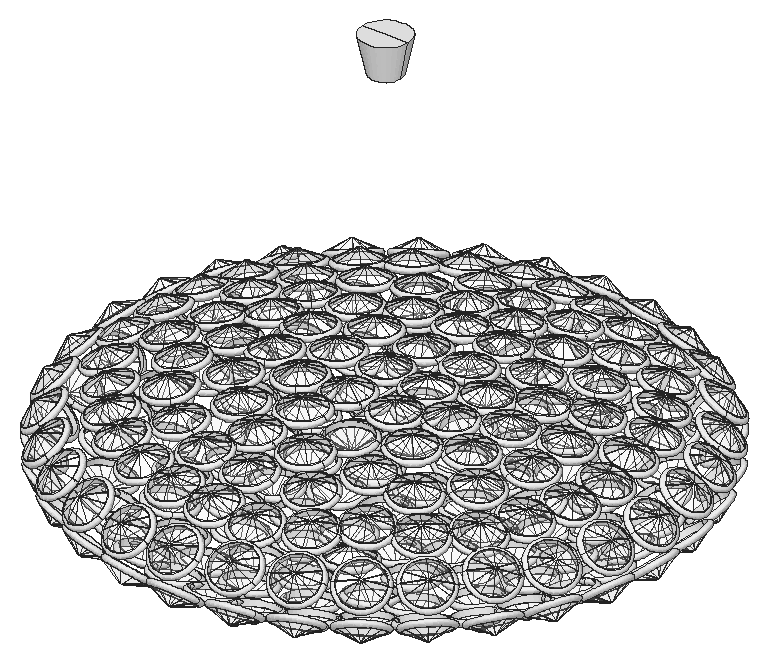
Revit family
Parameters (values of type "Incandescente 60 W")
  Тип линзы = Елемент STILLUX : Серебро
  Wattage Comments = "60"
  Wattage = 60 W
  built-in parameter 1150110 = 1 (stored number, unit not read)
  built-in parameter 1114217 = 1 (stored number, unit not read)
  built-in parameter 1150109 = 1 (stored number, unit not read)
  built-in parameter 1150134 = 4
  built-in parameter 1150113 = 1 (stored number, unit not read)
  Tilt Angle = 90.00°
  built-in parameter 1010507 = 1.5708 (stored number, unit not read)
  built-in parameter 1010506 = 0.5236 (stored number, unit not read)
  Lumens = 720 lm
  built-in parameter 1150115 = 1 (stored number, unit not read)
  built-in parameter 1150105 = 2407.4 (stored number, unit not read)
  Light Source Symbol Length = 3048 mm
  built-in parameter 1150137 = (empty or 0)
  built-in parameter 1150139 = (empty or 0)
  built-in parameter 1150112 = 1 (stored number, unit not read)
  built-in parameter 1150114 = 1 (stored number, unit not read)
  Hauteur interne = 10 mm
  Rayon_1 = 135 mm
  Rayon = 129.5 mm
  Hauteur de la mise en place [instance] = 600 mm
  Matériau = 503. Metall serebro
  Manufacturer = ""
  Lamp = "Incandescente"
  built-in parameter 1150132 = (empty or 0)
  built-in parameter 1150102 = (empty or 0)
  built-in parameter 1150138 = (empty or 0)
  built-in parameter 1150107 = 2800 (stored number, unit not read)
  built-in parameter 1150106 = 24.074 (stored number, unit not read)
  built-in parameter 1150104 = 1.1148 (stored number, unit not read)
  Dimming Lamp Color Temperature Shift = (empty or 0)
  Description = ""
  Color Filter = 16777215
  built-in parameter 1114218 = 1 (stored number, unit not read)
  built-in parameter 1150133 = 10 (stored number, unit not read)
  Assembly Code = "D5020220"
Reference planes
  plane 1 "Axe de la source d'éclairage (av./arr.)": y = 0
  plane 2: z = 0
  plane 3 "Axe de la source d'éclairage (G/D)": x = 0
  plane 4 "Plafond": z = 3000
  plane 5 "Elévation de la source d'éclairage": z = 2400
  plane 6: z = 2468
  plane 7: z = 2410
Forms (mm)
  Revolve 1, solid, material "503. Metall serebro" <- "Matériau"
    sketch origin (0, 0, 0) x (1, 0, 0) y (0, 0, 1)
      loop
        line (0, 3000) -> (-37, 3000) -> (-25, 2943) -> (-5, 2943) -> (-5, 2938) -> (0, 2938) -> (0, 3000)
      axis (0, 2938) -> (0, 3000)
    angle from 0 to 360
  Extrusion 2, solid, material "503. Metall serebro" <- "Matériau"
    sketch origin (0, 0, 0) x (1, 0, 0) y (0, 0, 1)
      loop
        circle (0, 2410) r 3
      loop
        circle (0, 2468) r 3
    from -67.004 to 66.851
  Revolve 3, void
    sketch origin (0, 0, 0) x (1, 0, 0) y (0, 0, 1)
      loop
        spline (0, 2300) -> (116.469, 2303.407) -> (225, 2313.397) -> (318.198, 2329.289) -> (389.711, 2350) -> (434.667, 2374.118) -> (450, 2400) -> (434.667, 2425.882) -> (389.711, 2450) -> (318.198, 2470.711) -> (225, 2486.603) -> (116.469, 2496.593) -> (0, 2500)
        line (0, 2500) -> (0, 2300)
      axis (0, 2500) -> (0, 2300)
    angle from 0 to 360
Lines and regions (mm)
  Masking region 1
    outline origin (0, 0, 2400) x (-1, 0, 0) y (0, -1, 0)
      loop
        circle (0, 0) r 120
  model lines
    curve 1: line (0, 0, 2938) -> (0, 0, 2528)
  symbolic lines
    curve 2: line (0, 0, 2400) -> (84.853, 84.853, 2400)
    curve 3: line (0, 0, 2400) -> (-84.853, -84.853, 2400)
    curve 4: line (0, 0, 2400) -> (-84.853, 84.853, 2400)
    curve 5: line (0, 0, 2400) -> (84.853, -84.853, 2400)
Dimensions and locks
  equal spacing: host sketch curve, plane 3 "Axe de la source d'éclairage (G/D)", host sketch curve
  equal spacing: host sketch curve, plane 1 "Axe de la source d'éclairage (av./arr.)", host sketch curve
  host sketch curve to host sketch curve = 4000 mm  (x2)
  locked: plane 4 "Plafond" to host ceiling at 0
  locked: Revolve 1 sketch curve to Revolve 1 sketch curve at 57
  plane 7 to plane 6 = 58 mm
  "Hauteur interne": plane 5 "Elévation de la source d'éclairage" to plane 7
  "Hauteur de la mise en place": plane 5 "Elévation de la source d'éclairage" to plane 4 "Plafond"
  radius of Masking region 1 sketch curve = 120 mm
  aligned and locked: plane 3 "Axe de la source d'éclairage (G/D)" to Revolve 1 sketch curve
  aligned and locked: plane 4 "Plafond" to Revolve 1 sketch curve
  aligned and locked: curve 1 to Revolve 1
  aligned and locked: imposter light to plane 3 "Axe de la source d'éclairage (G/D)"
  aligned and locked: plane 1 "Axe de la source d'éclairage (av./arr.)" to imposter light
  aligned and locked: plane 5 "Elévation de la source d'éclairage" to imposter light
  aligned and locked: plane 3 "Axe de la source d'éclairage (G/D)" to Revolve 3 sketch curve
  aligned: plane 6 to curve 1
Automatic sketch dimensions
  curve 1 to plane 5 "Elévation de la source d'éclairage" = 128 mm
  plane 4 "Plafond" to curve 1 = 62 mm
  Revolve 1 sketch curve to plane 3 "Axe de la source d'éclairage (G/D)" = 0 mm
  Revolve 1 sketch curve to plane 3 "Axe de la source d'éclairage (G/D)" = 5 mm
  Revolve 1 sketch curve to Revolve 1 sketch curve = 20 mm
  Revolve 1 sketch curve to Revolve 1 sketch curve = 37 mm
  Revolve 1 sketch curve to Revolve 1 sketch curve = 5 mm
  Revolve 1 sketch curve to level = 358.228 mm
  Revolve 1 sketch curve to plane 4 "Plafond" = 362.185 mm
  Extrusion 2 sketch curve to plane 3 "Axe de la source d'éclairage (G/D)" = 0 mm  (x2)
  Extrusion 2 sketch curve to plane 7 = 0 mm
  Extrusion 2 sketch curve to plane 6 = 0 mm
  plane 1 "Axe de la source d'éclairage (av./arr.)" to Masking region 1 sketch curve = 0 mm
  Masking region 1 sketch curve to plane 3 "Axe de la source d'éclairage (G/D)" = 0 mm
  plane 1 "Axe de la source d'éclairage (av./arr.)" to curve 3 = 0 mm
  curve 3 to plane 3 "Axe de la source d'éclairage (G/D)" = 0 mm
  plane 3 "Axe de la source d'éclairage (G/D)" to curve 5 = 84.853 mm
  plane 3 "Axe de la source d'éclairage (G/D)" to curve 2 = 84.853 mm
  curve 4 to plane 3 "Axe de la source d'éclairage (G/D)" = 84.853 mm
  curve 3 to plane 3 "Axe de la source d'éclairage (G/D)" = 84.853 mm
  curve 4 to plane 1 "Axe de la source d'éclairage (av./arr.)" = 84.853 mm
  curve 2 to plane 1 "Axe de la source d'éclairage (av./arr.)" = 84.853 mm
  Revolve 3 sketch curve to plane 3 "Axe de la source d'éclairage (G/D)" = 0 mm
  Revolve 3 sketch curve to plane 5 "Elévation de la source d'éclairage" = 0 mm
  plane 5 "Elévation de la source d'éclairage" to Revolve 3 sketch curve = 100 mm
  Revolve 3 sketch curve to Revolve 3 sketch curve = 28 mm
  plane 4 "Plafond" to Revolve 3 sketch curve = 225 mm
  radius of Extrusion 2 sketch curve = 3 mm  (x2)
Nested families
  nested 1: "Елемент STILLUX" at (434.018, 0.669, 2373.586) x (-0.0446, -0.9983, -0.0375) z (0.6301, 0.001, -0.7765), type <- "Тип линзы", type "Серебро"
    with Стекло 504. Steklo beloe
  nested 2: "Елемент STILLUX" at (361.894, -0.632, 2340.565) x (-0.0685, -0.9975, -0.0201) z (0.288, -0.0005, -0.9576), type <- "Тип линзы", type "Серебро"
    with Стекло 504. Steklo beloe
  nested 3: "Елемент STILLUX" at (280.551, 21.822, 2321.964) x (-0.0674, -0.9974, -0.0257) z (0.1748, 0.0136, -0.9845), type <- "Тип линзы", type "Серебро"
    with Стекло 504. Steklo beloe
  nested 4: "Елемент STILLUX" at (207.914, -4.471, 2311.319) x (-0.0705, -0.9975, -0.0057) z (0.115, -0.0025, -0.9934), type <- "Тип линзы", type "Серебро"
    with Стекло 504. Steklo beloe
  nested 5: "Елемент STILLUX" at (-79.158, 0.079, 2301.559) x (-0.0703, -0.9975, 0.0028) z (-0.0397, 0, -0.9992), type <- "Тип линзы", type "Серебро"
    with Стекло 504. Steklo beloe
  nested 6: "Елемент STILLUX" at (-279.298, 5.412, 2321.601) x (-0.0697, -0.9975, 0.0089) z (-0.1733, 0.0034, -0.9849), type <- "Тип линзы", type "Серебро"
    with Стекло 504. Steklo beloe
  nested 7: "Елемент STILLUX" at (-370.066, 7.711, 2343.13) x (-0.0685, -0.9975, 0.0153) z (-0.3059, 0.0064, -0.952), type <- "Тип линзы", type "Серебро"
    with Стекло 504. Steklo beloe
  nested 8: "Елемент STILLUX" at (-434.963, -1.029, 2374.366) x (-0.0499, -0.9978, 0.0438) z (-0.6423, -0.0015, -0.7665), type <- "Тип линзы", type "Серебро"
    with Стекло 504. Steklo beloe
  nested 9: "Елемент STILLUX" at (3.528, -434.18, 2373.729) x (-0.9983, 0.0421, -0.041) z (0.0051, -0.6323, -0.7747), type <- "Тип линзы", type "Серебро"
    with Стекло 504. Steklo beloe
  nested 10: "Елемент STILLUX" at (6.333, -359.118, 2339.756) x (-0.9974, 0.067, -0.0249) z (0.005, -0.2824, -0.9593), type <- "Тип линзы", type "Серебро"
    with Стекло 504. Steklo beloe
  nested 11: "Елемент STILLUX" at (6.826, -287.305, 2323.049) x (-0.9975, 0.0689, -0.0171) z (0.0043, -0.1813, -0.9834), type <- "Тип линзы", type "Серебро"
    with Стекло 504. Steklo beloe
  nested 12: "Елемент STILLUX" at (-21.55, -142.076, 2305.236) x (-0.9974, 0.0712, 0.0059) z (-0.0112, -0.0738, -0.9972), type <- "Тип линзы", type "Серебро"
    with Стекло 504. Steklo beloe
  nested 13: "Елемент STILLUX" at (1.924, 154.578, 2306.086) x (-0.9975, 0.0701, 0.0047) z (0.001, 0.081, -0.9967), type <- "Тип линзы", type "Серебро"
    with Стекло 504. Steklo beloe
  nested 14: "Елемент STILLUX" at (6.325, 275.814, 2320.998) x (-0.9975, 0.0698, 0.0081) z (0.0039, 0.1699, -0.9855), type <- "Тип линзы", type "Серебро"
    with Стекло 504. Steklo beloe
  nested 15: "Елемент STILLUX" at (6.318, 353.516, 2338.141) x (-0.9976, 0.0685, 0.0143) z (0.0049, 0.2716, -0.9624), type <- "Тип линзы", type "Серебро"
    with Стекло 504. Steklo beloe
  nested 16: "Елемент STILLUX" at (5.316, 430.938, 2371.228) x (-0.9978, 0.0579, 0.0337) z (0.0073, 0.5946, -0.804), type <- "Тип линзы", type "Серебро"
    with Стекло 504. Steklo beloe
  nested 17: "Елемент STILLUX" at (310.678, -302.633, 2373.34) x (-0.7344, -0.6774, -0.0429) z (0.4486, -0.437, -0.7796), type <- "Тип линзы", type "Серебро"
    with Стекло 504. Steklo beloe
  nested 18: "Елемент STILLUX" at (261.586, -254.135, 2341.421) x (-0.7526, -0.658, -0.025) z (0.2108, -0.2048, -0.9558), type <- "Тип линзы", type "Серебро"
    with Стекло 504. Steklo beloe
  nested 19: "Елемент STILLUX" at (206.843, -199.387, 2323.033) x (-0.7542, -0.6565, -0.0161) z (0.1305, -0.1258, -0.9834), type <- "Тип линзы", type "Серебро"
    with Стекло 504. Steklo beloe
  nested 20: "Елемент STILLUX" at (143.53, -124.346, 2309.341) x (-0.7545, -0.6562, -0.0145) z (0.0778, -0.0674, -0.9947), type <- "Тип линзы", type "Серебро"
    with Стекло 504. Steklo beloe
  nested 21: "Елемент STILLUX" at (77.882, -76.847, 2303.001) x (-0.7551, -0.6555, -0.0043) z (0.0396, -0.0391, -0.9985), type <- "Тип линзы", type "Серебро"
    with Стекло 504. Steklo beloe
  nested 22: "Елемент STILLUX" at (-75.509, 150.405, 2307.257) x (-0.7563, -0.6539, -0.022) z (-0.04, 0.0798, -0.996), type <- "Тип линзы", type "Серебро"
    with Стекло 504. Steklo beloe
  nested 23: "Елемент STILLUX" at (-187.152, 194.609, 2320) x (-0.7547, -0.6561, 0.0084) z (-0.114, 0.1185, -0.9864), type <- "Тип линзы", type "Серебро"
    with Стекло 504. Steklo beloe
  nested 24: "Елемент STILLUX" at (-242.287, 249.74, 2336.588) x (-0.7537, -0.657, 0.0144) z (-0.1821, 0.1877, -0.9652), type <- "Тип линзы", type "Серебро"
    with Стекло 504. Steklo beloe
  nested 25: "Елемент STILLUX" at (-293.901, 301.343, 2364.643) x (-0.7488, -0.6622, 0.0287) z (-0.3539, 0.3628, -0.8621), type <- "Тип линзы", type "Серебро"
    with Стекло 504. Steklo beloe
  nested 26: "Елемент STILLUX" at (-304.097, -312.943, 2375.564) x (-0.6794, 0.7324, -0.0456) z (-0.4609, -0.4743, -0.75), type <- "Тип линзы", type "Серебро"
    with Стекло 504. Steklo beloe
  nested 27: "Елемент STILLUX" at (-246.555, -254.758, 2338.412) x (-0.6577, 0.7529, -0.0238) z (-0.1902, -0.1965, -0.9619), type <- "Тип линзы", type "Серебро"
    with Стекло 504. Steklo beloe
  nested 28: "Елемент STILLUX" at (-208.641, -181.525, 2321.113) x (-0.6548, 0.7558, -0.0004) z (-0.1287, -0.112, -0.9853), type <- "Тип линзы", type "Серебро"
    with Стекло 504. Steklo beloe
  nested 29: "Елемент STILLUX" at (-154.681, -118.166, 2309.84) x (-0.6545, 0.7561, 0.0065) z (-0.0842, -0.0644, -0.9944), type <- "Тип линзы", type "Серебро"
    with Стекло 504. Steklo beloe
  nested 30: "Елемент STILLUX" at (150.116, 121.937, 2309.706) x (-0.6551, 0.7555, -0.0034) z (0.0816, 0.0663, -0.9945), type <- "Тип линзы", type "Серебро"
    with Стекло 504. Steklo beloe
  nested 31: "Елемент STILLUX" at (128.524, 200.971, 2315.208) x (-0.6586, 0.7515, 0.0387) z (0.0741, 0.1159, -0.9905), type <- "Тип линзы", type "Серебро"
    with Стекло 504. Steklo beloe
  nested 32: "Елемент STILLUX" at (258.864, 252.307, 2340.442) x (-0.6574, 0.7533, 0.0165) z (0.2056, 0.2004, -0.9579), type <- "Тип линзы", type "Серебро"
    with Стекло 504. Steklo beloe
  nested 33: "Елемент STILLUX" at (306.712, 307.056, 2373.571) x (-0.6694, 0.7417, 0.042) z (0.4451, 0.4456, -0.7767), type <- "Тип линзы", type "Серебро"
    with Стекло 504. Steklo beloe
  nested 34: "Елемент STILLUX" at (402.339, -163.158, 2373.704) x (-0.421, -0.9061, -0.0405) z (0.5856, -0.2375, -0.775), type <- "Тип линзы", type "Серебро"
    with Стекло 504. Steklo beloe
  nested 35: "Елемент STILLUX" at (338.638, -137.224, 2341.63) x (-0.4441, -0.8957, -0.0232) z (0.2737, -0.1109, -0.9554), type <- "Тип линзы", type "Серебро"
    with Стекло 504. Steklo beloe
  nested 36: "Елемент STILLUX" at (259.911, -136.342, 2324.197) x (-0.4489, -0.8936, 0.0034) z (0.1663, -0.0872, -0.9822), type <- "Тип линзы", type "Серебро"
    with Стекло 504. Steklo beloe
  nested 37: "Елемент STILLUX" at (207.483, -83.39, 2313.22) x (-0.4463, -0.8948, -0.0102) z (0.1171, -0.0471, -0.992), type <- "Тип линзы", type "Серебро"
    with Стекло 504. Steklo beloe
  nested 38: "Елемент STILLUX" at (140.885, -43.644, 2305.524) x (-0.4462, -0.8948, -0.0124) z (0.0734, -0.0227, -0.997), type <- "Тип линзы", type "Серебро"
    with Стекло 504. Steklo beloe
  nested 39: "Елемент STILLUX" at (73.525, -4.051, 2301.348) x (-0.4465, -0.8947, -0.0146) z (0.0368, -0.002, -0.9993), type <- "Тип линзы", type "Серебро"
    with Стекло 504. Steklo beloe
  nested 40: "Елемент STILLUX" at (-152.322, 36.709, 2306.257) x (-0.4455, -0.8951, 0.0184) z (-0.08, 0.0193, -0.9966), type <- "Тип линзы", type "Серебро"
    with Стекло 504. Steklo beloe
  nested 41: "Елемент STILLUX" at (-220.482, 43.504, 2313.363) x (-0.443, -0.8959, 0.0335) z (-0.1247, 0.0246, -0.9919), type <- "Тип линзы", type "Серебро"
    with Стекло 504. Steklo beloe
  nested 42: "Елемент STILLUX" at (-338.383, 140.687, 2341.965) x (-0.4433, -0.8961, 0.0204) z (-0.2749, 0.1143, -0.9547), type <- "Тип линзы", type "Серебро"
    with Стекло 504. Steklo beloe
  nested 43: "Елемент STILLUX" at (-401.883, 166.964, 2374.553) x (-0.4287, -0.9025, 0.0419) z (-0.5958, 0.2475, -0.764), type <- "Тип линзы", type "Серебро"
    with Стекло 504. Steklo beloe
  nested 44: "Елемент STILLUX" at (-161.721, -404.931, 2375.277) x (-0.9074, 0.4178, -0.0448) z (-0.2436, -0.6099, -0.7541), type <- "Тип линзы", type "Серебро"
    with Стекло 504. Steklo beloe
  nested 45: "Елемент STILLUX" at (-130.457, -332.111, 2339.068) x (-0.8958, 0.4437, -0.0247) z (-0.1016, -0.2586, -0.9606), type <- "Тип линзы", type "Серебро"
    with Стекло 504. Steklo beloe
  nested 46: "Елемент STILLUX" at (-144.847, -240.383, 2321.831) x (-0.893, 0.4499, 0.0134) z (-0.0901, -0.1495, -0.9846), type <- "Тип линзы", type "Серебро"
    with Стекло 504. Steklo beloe
  nested 47: "Елемент STILLUX" at (-99.498, -171.434, 2310.224) x (-0.8941, 0.4478, 0.0067) z (-0.0544, -0.0937, -0.9941), type <- "Тип линзы", type "Серебро"
    with Стекло 504. Steklo beloe
  nested 48: "Елемент STILLUX" at (-0.81, -76.206, 2301.444) x (-0.8947, 0.4463, -0.0167) z (-0.0004, -0.0382, -0.9993), type <- "Тип линзы", type "Серебро"
    with Стекло 504. Steklo beloe
  nested 49: "Елемент STILLUX" at (3.634, 74.097, 2301.368) x (-0.8948, 0.4463, 0.0149) z (0.0018, 0.0371, -0.9993), type <- "Тип линзы", type "Серебро"
    with Стекло 504. Steklo beloe
  nested 50: "Елемент STILLUX" at (89.235, 273.314, 2323.072) x (-0.8961, 0.4431, 0.0264) z (0.0563, 0.1725, -0.9834), type <- "Тип линзы", type "Серебро"
    with Стекло 504. Steklo beloe
  nested 51: "Елемент STILLUX" at (142.236, 326.29, 2338.817) x (-0.8954, 0.445, 0.0144) z (0.1103, 0.2531, -0.9611), type <- "Тип линзы", type "Серебро"
    with Стекло 504. Steklo beloe
  nested 52: "Елемент STILLUX" at (171.651, 396.454, 2372.014) x (-0.8993, 0.436, 0.0326) z (0.2409, 0.5563, -0.7953), type <- "Тип линзы", type "Серебро"
    with Стекло 504. Steklo beloe
  nested 53: "Елемент STILLUX" at (172.655, -396.773, 2372.548) x (-0.9373, -0.3458, -0.0443) z (0.2451, -0.5632, -0.7891), type <- "Тип линзы", type "Серебро"
    with Стекло 504. Steklo beloe
  nested 54: "Елемент STILLUX" at (145.668, -332.741, 2340.969) x (-0.947, -0.3202, -0.0263) z (0.1166, -0.2663, -0.9568), type <- "Тип линзы", type "Серебро"
    with Стекло 504. Steklo beloe
  nested 55: "Елемент STILLUX" at (98.705, -275.943, 2324.114) x (-0.9488, -0.3159, -0.0042) z (0.0631, -0.1764, -0.9823), type <- "Тип линзы", type "Серебро"
    with Стекло 504. Steklo beloe
  nested 56: "Елемент STILLUX" at (59.175, -147.076, 2306.411) x (-0.9485, -0.3167, -0.005) z (-0.0311, 0.0773, 0.9965), type <- "Тип линзы", type "Серебро"
    with Стекло 504. Steklo beloe
  nested 57: "Елемент STILLUX" at (-116.386, 218.639, 2316.511) x (-0.9473, -0.3194, 0.0239) z (-0.0681, 0.128, -0.9894), type <- "Тип линзы", type "Серебро"
    with Стекло 504. Steklo beloe
  nested 58: "Елемент STILLUX" at (-127.038, 325.619, 2337.015) x (-0.9479, -0.3182, 0.0132) z (-0.0961, 0.2462, -0.9644), type <- "Тип линзы", type "Серебро"
    with Стекло 504. Steklo beloe
  nested 59: "Елемент STILLUX" at (-154.856, 392.743, 2365.379) x (-0.9455, -0.3244, 0.0271) z (-0.1892, 0.4799, -0.8567), type <- "Тип линзы", type "Серебро"
    with Стекло 504. Steklo beloe
  nested 60: "Елемент STILLUX" at (-400.423, -175.634, 2376.363) x (-0.3513, 0.935, -0.0492) z (-0.6176, -0.2709, -0.7383), type <- "Тип линзы", type "Серебро"
    with Стекло 504. Steklo beloe
  nested 61: "Елемент STILLUX" at (-341.034, -141.681, 2342.857) x (-0.319, 0.9475, -0.022) z (-0.2808, -0.1166, -0.9527), type <- "Тип линзы", type "Серебро"
    with Стекло 504. Steklo beloe
  nested 62: "Елемент STILLUX" at (-243.093, -113.428, 2319.71) x (-0.3183, 0.9478, -0.0185) z (-0.1475, -0.0688, -0.9867), type <- "Тип линзы", type "Серебро"
    with Стекло 504. Steklo beloe
  nested 63: "Елемент STILLUX" at (-148.132, -41.322, 2306.021) x (-0.316, 0.9487, 0.004) z (-0.0776, -0.0216, -0.9968), type <- "Тип линзы", type "Серебро"
    with Стекло 504. Steklo beloe
  nested 64: "Елемент STILLUX" at (142.496, 31.592, 2305.406) x (-0.316, 0.9487, -0.0079) z (0.0742, 0.0164, -0.9971), type <- "Тип линзы", type "Серебро"
    with Стекло 504. Steklo beloe
  nested 65: "Елемент STILLUX" at (202.134, 71.491, 2312.08) x (-0.3166, 0.9486, 0.0021) z (0.1127, 0.0399, -0.9928), type <- "Тип линзы", type "Серебро"
    with Стекло 504. Steklo beloe
  nested 66: "Елемент STILLUX" at (262.665, 104.327, 2322.183) x (-0.3176, 0.9482, 0.0098) z (0.1641, 0.0652, -0.9843), type <- "Тип линзы", type "Серебро"
    with Стекло 504. Steklo beloe
  nested 67: "Елемент STILLUX" at (334.14, 133.945, 2339.996) x (-0.3191, 0.9476, 0.0167) z (0.2637, 0.1057, -0.9588), type <- "Тип линзы", type "Серебро"
    with Стекло 504. Steklo beloe
  nested 68: "Елемент STILLUX" at (400.72, 161.74, 2372.099) x (-0.3299, 0.9433, 0.0361) z (0.5634, 0.2274, -0.7943), type <- "Тип линзы", type "Серебро"
    with Стекло 504. Steklo beloe
  nested 69: "Елемент STILLUX" at (426.07, -82.847, 2373.612) x (-0.2374, -0.9706, -0.0388) z (0.6189, -0.1203, -0.7762), type <- "Тип линзы", type "Серебро"
    with Стекло 504. Steklo beloe
  nested 70: "Елемент STILLUX" at (358.477, -69.828, 2341.577) x (-0.2611, -0.9651, -0.0222) z (0.2895, -0.0564, -0.9555), type <- "Тип линзы", type "Серебро"
    with Стекло 504. Steklo beloe
  nested 71: "Елемент STILLUX" at (282.573, -54.726, 2323.13) x (-0.2627, -0.9648, -0.0138) z (0.1785, -0.0346, -0.9833), type <- "Тип линзы", type "Серебро"
    with Стекло 504. Steklo beloe
  nested 72: "Елемент STILLUX" at (-0.332, 0.953, 2300) x (-0.264, -0.9645, -0.0004) z (-0.0002, 0.0005, -1), type <- "Тип линзы", type "Серебро"
    with Стекло 504. Steklo beloe
  nested 73: "Елемент STILLUX" at (-78.635, 75.892, 2302.994) x (-0.2649, -0.9639, -0.0266) z (-0.04, 0.0386, -0.9985), type <- "Тип линзы", type "Серебро"
    with Стекло 504. Steklo beloe
  nested 74: "Елемент STILLUX" at (-216.435, -43.301, 2312.856) x (-0.2575, -0.9647, 0.0552) z (-0.1217, -0.0243, -0.9923), type <- "Тип линзы", type "Серебро"
    with Стекло 504. Steklo beloe
  nested 75: "Елемент STILLUX" at (-361.587, 77.362, 2343.01) x (-0.2609, -0.9652, 0.017) z (-0.2984, 0.0638, -0.9523), type <- "Тип линзы", type "Серебро"
    with Стекло 504. Steklo beloe
  nested 76: "Елемент STILLUX" at (-425.949, 85.441, 2373.926) x (-0.2454, -0.9685, 0.0413) z (-0.623, 0.125, -0.7722), type <- "Тип линзы", type "Серебро"
    with Стекло 504. Steklo beloe
  nested 77: "Елемент STILLUX" at (-76.937, -428.307, 2374.533) x (-0.9718, 0.2311, -0.0469) z (-0.114, -0.6347, -0.7643), type <- "Тип линзы", type "Серебро"
    with Стекло 504. Steklo beloe
  nested 78: "Елемент STILLUX" at (-63.582, -352.378, 2339.432) x (-0.9652, 0.2604, -0.0248) z (-0.0498, -0.2758, -0.9599), type <- "Тип линзы", type "Серебро"
    with Стекло 504. Steklo beloe
  nested 79: "Елемент STILLUX" at (-38.898, -216.702, 2312.786) x (-0.9647, 0.263, -0.011) z (-0.0219, -0.1218, -0.9923), type <- "Тип линзы", type "Серебро"
    with Стекло 504. Steklo beloe
  nested 80: "Елемент STILLUX" at (73.401, 150.716, 2307.198) x (-0.9641, 0.2652, -0.0164) z (0.0389, 0.0799, -0.996), type <- "Тип линзы", type "Серебро"
    with Стекло 504. Steklo beloe
  nested 81: "Елемент STILLUX" at (42.065, 216.24, 2312.802) x (-0.9648, 0.2629, 0.0092) z (0.0236, 0.1215, -0.9923), type <- "Тип линзы", type "Серебро"
    with Стекло 504. Steklo beloe
  nested 82: "Елемент STILLUX" at (75.427, 346.567, 2338.455) x (-0.965, 0.2618, 0.0144) z (0.0582, 0.2675, -0.9618), type <- "Тип линзы", type "Серебро"
    with Стекло 504. Steklo beloe
  nested 83: "Елемент STILLUX" at (91.595, 420.141, 2370.526) x (-0.9668, 0.2539, 0.0304) z (0.1245, 0.5711, -0.8114), type <- "Тип линзы", type "Серебро"
    with Стекло 504. Steklo beloe
  nested 84: "Елемент STILLUX" at (246.124, -356.51, 2372.944) x (-0.8522, -0.5215, -0.0435) z (0.3524, -0.5104, -0.7844), type <- "Тип линзы", type "Серебро"
    with Стекло 504. Steklo beloe
  nested 85: "Елемент STILLUX" at (198.763, -285.388, 2336.541) x (-0.8668, -0.4982, -0.0234) z (0.1493, -0.2144, -0.9653), type <- "Тип линзы", type "Серебро"
    with Стекло 504. Steklo beloe
  nested 86: "Елемент STILLUX" at (139.369, -203.953, 2316.414) x (-0.8681, -0.4962, -0.0117) z (0.0815, -0.1192, -0.9895), type <- "Тип линзы", type "Серебро"
    with Стекло 504. Steklo beloe
  nested 87: "Елемент STILLUX" at (-185.017, 285.641, 2334.575) x (-0.8675, -0.4973, 0.0139) z (-0.1353, 0.2088, -0.9686), type <- "Тип линзы", type "Серебро"
    with Стекло 504. Steklo beloe
  nested 88: "Елемент STILLUX" at (-229.064, 353.872, 2365.001) x (-0.8638, -0.503, 0.028) z (-0.2778, 0.4291, -0.8595), type <- "Тип линзы", type "Серебро"
    with Стекло 504. Steklo beloe
  nested 89: "Елемент STILLUX" at (-358.185, -249.437, 2375.672) x (-0.5255, 0.8494, -0.048) z (-0.5442, -0.379, -0.7485), type <- "Тип линзы", type "Серебро"
    with Стекло 504. Steklo beloe
  nested 90: "Елемент STILLUX" at (-291.289, -200.633, 2338.177) x (-0.498, 0.8669, -0.0231) z (-0.2239, -0.1542, -0.9623), type <- "Тип линзы", type "Серебро"
    with Стекло 504. Steklo beloe
  nested 91: "Елемент STILLUX" at (-301.411, -66.278, 2327.221) x (-0.4822, 0.8741, 0.0593) z (-0.2002, -0.044, -0.9788), type <- "Тип линзы", type "Серебро"
    with Стекло 504. Steklo beloe
  nested 92: "Елемент STILLUX" at (-76.997, -78.387, 2303.027) x (-0.4961, 0.8681, -0.0152) z (-0.0391, -0.0399, -0.9984), type <- "Тип линзы", type "Серебро"
    with Стекло 504. Steklo beloe
  nested 93: "Елемент STILLUX" at (78.864, 73.98, 2302.93) x (-0.4961, 0.8682, 0.0128) z (0.0401, 0.0376, -0.9985), type <- "Тип линзы", type "Серебро"
    with Стекло 504. Steklo beloe
  nested 94: "Елемент STILLUX" at (212.296, 172.543, 2320.601) x (-0.4986, 0.8664, 0.0271) z (0.1302, 0.1058, -0.9858), type <- "Тип линзы", type "Серебро"
    with Стекло 504. Steklo beloe
  nested 95: "Елемент STILLUX" at (298.161, 194.26, 2338.793) x (-0.4979, 0.8671, 0.0161) z (0.2312, 0.1506, -0.9612), type <- "Тип линзы", type "Серебро"
    with Стекло 504. Steklo beloe
  nested 96: "Елемент STILLUX" at (361.563, 234.697, 2371.292) x (-0.5059, 0.862, 0.0334) z (0.4996, 0.3243, -0.8033), type <- "Тип линзы", type "Серебро"
    with Стекло 504. Steklo beloe
  nested 97: "Елемент STILLUX" at (-141.295, 116.135, 2308.632) x (-0.6551, 0.7493, 0.0971) z (-0.076, 0.0625, -0.9951), type <- "Тип линзы", type "Серебро"
    with Стекло 504. Steklo beloe
  nested 98: "Елемент STILLUX" at (-256.542, 159.205, 2325.85) x (-0.643, 0.7423, 0.1886) z (-0.1675, 0.1039, -0.9804), type <- "Тип линзы", type "Серебро"
    with Стекло 504. Steklo beloe
  nested 99: "Елемент STILLUX" at (-310.07, 209.809, 2344.517) x (-0.6155, 0.7265, 0.3055) z (-0.2618, 0.1772, -0.9487), type <- "Тип линзы", type "Серебро"
    with Стекло 504. Steklo beloe
  nested 100: "Елемент STILLUX" at (-360.976, 243.356, 2374.688) x (-0.4566, 0.635, 0.6231) z (-0.5368, 0.3619, -0.7622), type <- "Тип линзы", type "Серебро"
    with Стекло 504. Steklo beloe
  nested 101: "Елемент STILLUX" at (-37.905, 214.237, 2312.464) x (-0.5695, 0.8145, 0.1106) z (-0.0212, 0.12, -0.9926), type <- "Тип линзы", type "Серебро"
    with Стекло 504. Steklo beloe
  nested 102: "Елемент STILLUX" at (-65.209, 285.023, 2323.985) x (-0.5678, 0.8048, 0.1731) z (-0.0416, 0.1819, -0.9824), type <- "Тип линзы", type "Серебро"
    with Стекло 504. Steklo beloe
  nested 103: "Елемент STILLUX" at (-61.201, 358.971, 2341.25) x (-0.5667, 0.7803, 0.2646) z (-0.0492, 0.2885, -0.9562), type <- "Тип линзы", type "Серебро"
    with Стекло 504. Steklo beloe
  nested 104: "Елемент STILLUX" at (-78.11, 423.413, 2370.923) x (-0.5492, 0.6423, 0.5347) z (-0.1071, 0.5805, -0.8072), type <- "Тип линзы", type "Серебро"
    with Стекло 504. Steklo beloe
  nested 105: "Елемент STILLUX" at (181.11, 252.767, 2327.715) x (-0.6598, 0.7499, 0.0479) z (0.121, 0.1689, -0.9782), type <- "Тип линзы", type "Серебро"
    with Стекло 504. Steklo beloe
  nested 106: "Елемент STILLUX" at (217.493, 314.782, 2347.361) x (-0.6673, 0.7402, 0.0824) z (0.192, 0.2779, -0.9412), type <- "Тип линзы", type "Серебро"
    with Стекло 504. Steklo beloe
  nested 107: "Елемент STILLUX" at (241.513, 360.205, 2373.311) x (-0.6983, 0.699, 0.1538) z (0.3485, 0.5198, -0.7799), type <- "Тип линзы", type "Серебро"
    with Стекло 504. Steklo beloe
  nested 108: "Елемент STILLUX" at (345.146, 67.183, 2337.595) x (-0.0554, -0.9961, -0.0681) z (0.2631, 0.0512, -0.9634), type <- "Тип линзы", type "Серебро"
    with Стекло 504. Steklo beloe
  nested 109: "Елемент STILLUX" at (421.235, 88.574, 2370.842) x (-0.0054, -0.9883, -0.1521) z (0.5765, 0.1212, -0.8081), type <- "Тип линзы", type "Серебро"
    with Стекло 504. Steklo beloe
  nested 110: "Елемент STILLUX" at (-371.79, -68.805, 2345.777) x (-0.4657, 0.879, 0.1026) z (-0.3202, -0.0592, -0.9455), type <- "Тип линзы", type "Серебро"
    with Стекло 504. Steklo beloe
  nested 111: "Елемент STILLUX" at (-72.706, -278.341, 2323.103) x (-0.9645, 0.2643, -0.0022) z (-0.0459, -0.1758, -0.9834), type <- "Тип линзы", type "Серебро"
    with Стекло 504. Steklo beloe
  nested 112: "Елемент STILLUX" at (41.798, -216.439, 2312.82) x (-0.9641, 0.2598, -0.0547) z (0.0235, -0.1217, -0.9923), type <- "Тип линзы", type "Серебро"
    with Стекло 504. Steklo beloe
  nested 113: "Елемент STILLUX" at (76.545, -361.536, 2342.939) x (-0.9615, 0.2377, -0.1381) z (0.0631, -0.298, -0.9525), type <- "Тип линзы", type "Серебро"
    with Стекло 504. Steklo beloe
  nested 114: "Елемент STILLUX" at (91.783, -422.519, 2372.285) x (-0.9509, 0.1518, -0.2698) z (0.1296, -0.5964, -0.7922), type <- "Тип линзы", type "Серебро"
    with Стекло 504. Steklo beloe
  nested 115: "Елемент STILLUX" at (-194.999, -296.421, 2338.492) x (-0.9594, 0.2686, 0.0863) z (-0.1506, -0.2289, -0.9617), type <- "Тип линзы", type "Серебро"
    with Стекло 504. Steklo beloe
  nested 116: "Елемент STILLUX" at (-237.582, -365.744, 2375.368) x (-0.9231, 0.3296, 0.198) z (-0.3586, -0.552, -0.7528), type <- "Тип линзы", type "Серебро"
    with Стекло 504. Steklo beloe
  nested 117: "Елемент STILLUX" at (312.831, -199.557, 2343.425) x (-0.7378, -0.6697, -0.0848) z (0.2598, -0.1657, -0.9513), type <- "Тип линзы", type "Серебро"
    with Стекло 504. Steklo beloe
  nested 118: "Елемент STILLUX" at (361.929, -232.805, 2370.763) x (-0.7012, -0.696, -0.155) z (0.4945, -0.3181, -0.8089), type <- "Тип линзы", type "Серебро"
    with Стекло 504. Steklo beloe
  nested 119: "Елемент STILLUX" at (-426.458, -93.748, 2375.814) x (-0.4083, 0.894, 0.1844) z (-0.65, -0.1429, -0.7464), type <- "Тип линзы", type "Серебро"
    with Стекло 504. Steklo beloe
  nested 120: "Елемент STILLUX" at (-289.392, 85.115, 2325.794) x (-0.2649, -0.9643, -0.0036) z (-0.1888, 0.0555, -0.9804), type <- "Тип линзы", type "Серебро"
    with Стекло 504. Steklo beloe
  nested 121: "Елемент STILLUX" at (-215.852, 115.657, 2316.104) x (-0.6509, 0.7473, 0.1336) z (-0.1258, 0.0674, -0.9898), type <- "Тип линзы", type "Серебро"
    with Стекло 504. Steklo beloe
  nested 122: "Елемент STILLUX" at (434.018, 0.669, 2426.414) x (-0.0446, -0.9983, 0.0375) z (0.6301, 0.001, 0.7765), type <- "Тип линзы", type "Серебро"
    with Стекло 504. Steklo beloe
  nested 123: "Елемент STILLUX" at (361.894, -0.632, 2459.435) x (-0.0685, -0.9975, 0.0201) z (0.288, -0.0005, 0.9576), type <- "Тип линзы", type "Серебро"
    with Стекло 504. Steklo beloe
  nested 124: "Елемент STILLUX" at (280.551, 21.822, 2478.036) x (-0.0674, -0.9974, 0.0257) z (0.1748, 0.0136, 0.9845), type <- "Тип линзы", type "Серебро"
    with Стекло 504. Steklo beloe
  nested 125: "Елемент STILLUX" at (207.914, -4.471, 2488.681) x (-0.0705, -0.9975, 0.0057) z (0.115, -0.0025, 0.9934), type <- "Тип линзы", type "Серебро"
    with Стекло 504. Steklo beloe
  nested 126: "Елемент STILLUX" at (-79.158, 0.079, 2498.441) x (-0.0703, -0.9975, -0.0028) z (-0.0397, 0, 0.9992), type <- "Тип линзы", type "Серебро"
    with Стекло 504. Steklo beloe
  nested 127: "Елемент STILLUX" at (-279.298, 5.412, 2478.399) x (-0.0697, -0.9975, -0.0089) z (-0.1733, 0.0034, 0.9849), type <- "Тип линзы", type "Серебро"
    with Стекло 504. Steklo beloe
  nested 128: "Елемент STILLUX" at (-370.066, 7.711, 2456.87) x (-0.0685, -0.9975, -0.0153) z (-0.3059, 0.0064, 0.952), type <- "Тип линзы", type "Серебро"
    with Стекло 504. Steklo beloe
  nested 129: "Елемент STILLUX" at (-434.963, -1.029, 2425.634) x (-0.0499, -0.9978, -0.0438) z (-0.6423, -0.0015, 0.7665), type <- "Тип линзы", type "Серебро"
    with Стекло 504. Steklo beloe
  nested 130: "Елемент STILLUX" at (3.528, -434.18, 2426.271) x (-0.9983, 0.0421, 0.041) z (0.0051, -0.6323, 0.7747), type <- "Тип линзы", type "Серебро"
    with Стекло 504. Steklo beloe
  nested 131: "Елемент STILLUX" at (6.333, -359.118, 2460.244) x (-0.9974, 0.067, 0.0249) z (0.005, -0.2824, 0.9593), type <- "Тип линзы", type "Серебро"
    with Стекло 504. Steklo beloe
  nested 132: "Елемент STILLUX" at (6.826, -287.305, 2476.951) x (-0.9975, 0.0689, 0.0171) z (0.0043, -0.1813, 0.9834), type <- "Тип линзы", type "Серебро"
    with Стекло 504. Steklo beloe
  nested 133: "Елемент STILLUX" at (-21.55, -142.076, 2494.764) x (-0.9974, 0.0712, -0.0059) z (-0.0112, -0.0738, 0.9972), type <- "Тип линзы", type "Серебро"
    with Стекло 504. Steklo beloe
  nested 134: "Елемент STILLUX" at (1.924, 154.578, 2493.914) x (-0.9975, 0.0701, -0.0047) z (0.001, 0.081, 0.9967), type <- "Тип линзы", type "Серебро"
    with Стекло 504. Steklo beloe
  nested 135: "Елемент STILLUX" at (6.325, 275.814, 2479.002) x (-0.9975, 0.0698, -0.0081) z (0.0039, 0.1699, 0.9855), type <- "Тип линзы", type "Серебро"
    with Стекло 504. Steklo beloe
  nested 136: "Елемент STILLUX" at (6.318, 353.516, 2461.859) x (-0.9976, 0.0685, -0.0143) z (0.0049, 0.2716, 0.9624), type <- "Тип линзы", type "Серебро"
    with Стекло 504. Steklo beloe
  nested 137: "Елемент STILLUX" at (5.316, 430.938, 2428.772) x (-0.9978, 0.0579, -0.0337) z (0.0073, 0.5946, 0.804), type <- "Тип линзы", type "Серебро"
    with Стекло 504. Steklo beloe
  nested 138: "Елемент STILLUX" at (310.678, -302.633, 2426.66) x (-0.7344, -0.6774, 0.0429) z (0.4486, -0.437, 0.7796), type <- "Тип линзы", type "Серебро"
    with Стекло 504. Steklo beloe
  nested 139: "Елемент STILLUX" at (261.586, -254.135, 2458.579) x (-0.7526, -0.658, 0.025) z (0.2108, -0.2048, 0.9558), type <- "Тип линзы", type "Серебро"
    with Стекло 504. Steklo beloe
  nested 140: "Елемент STILLUX" at (206.843, -199.387, 2476.967) x (-0.7542, -0.6565, 0.0161) z (0.1305, -0.1258, 0.9834), type <- "Тип линзы", type "Серебро"
    with Стекло 504. Steklo beloe
  nested 141: "Елемент STILLUX" at (143.53, -124.346, 2490.659) x (-0.7545, -0.6562, 0.0145) z (0.0778, -0.0674, 0.9947), type <- "Тип линзы", type "Серебро"
    with Стекло 504. Steklo beloe
  nested 142: "Елемент STILLUX" at (77.882, -76.847, 2496.999) x (-0.7551, -0.6555, 0.0043) z (0.0396, -0.0391, 0.9985), type <- "Тип линзы", type "Серебро"
    with Стекло 504. Steklo beloe
  nested 143: "Елемент STILLUX" at (-75.509, 150.405, 2492.743) x (-0.7563, -0.6539, 0.022) z (-0.04, 0.0798, 0.996), type <- "Тип линзы", type "Серебро"
    with Стекло 504. Steklo beloe
  nested 144: "Елемент STILLUX" at (-187.152, 194.609, 2480) x (-0.7547, -0.6561, -0.0084) z (-0.114, 0.1185, 0.9864), type <- "Тип линзы", type "Серебро"
    with Стекло 504. Steklo beloe
  nested 145: "Елемент STILLUX" at (-242.287, 249.74, 2463.412) x (-0.7537, -0.657, -0.0144) z (-0.1821, 0.1877, 0.9652), type <- "Тип линзы", type "Серебро"
    with Стекло 504. Steklo beloe
  nested 146: "Елемент STILLUX" at (-293.901, 301.343, 2435.357) x (-0.7488, -0.6622, -0.0287) z (-0.3539, 0.3628, 0.8621), type <- "Тип линзы", type "Серебро"
    with Стекло 504. Steklo beloe
  nested 147: "Елемент STILLUX" at (-304.097, -312.943, 2424.436) x (-0.6794, 0.7324, 0.0456) z (-0.4609, -0.4743, 0.75), type <- "Тип линзы", type "Серебро"
    with Стекло 504. Steklo beloe
  nested 148: "Елемент STILLUX" at (-246.555, -254.758, 2461.588) x (-0.6577, 0.7529, 0.0238) z (-0.1902, -0.1965, 0.9619), type <- "Тип линзы", type "Серебро"
    with Стекло 504. Steklo beloe
  nested 149: "Елемент STILLUX" at (-208.641, -181.525, 2478.887) x (-0.6548, 0.7558, 0.0004) z (-0.1287, -0.112, 0.9853), type <- "Тип линзы", type "Серебро"
    with Стекло 504. Steklo beloe
  nested 150: "Елемент STILLUX" at (-154.681, -118.166, 2490.16) x (-0.6545, 0.7561, -0.0065) z (-0.0842, -0.0644, 0.9944), type <- "Тип линзы", type "Серебро"
    with Стекло 504. Steklo beloe
  nested 151: "Елемент STILLUX" at (150.116, 121.937, 2490.294) x (-0.6551, 0.7555, 0.0034) z (0.0816, 0.0663, 0.9945), type <- "Тип линзы", type "Серебро"
    with Стекло 504. Steklo beloe
  nested 152: "Елемент STILLUX" at (128.524, 200.971, 2484.792) x (-0.6586, 0.7515, -0.0387) z (0.0741, 0.1159, 0.9905), type <- "Тип линзы", type "Серебро"
    with Стекло 504. Steklo beloe
  nested 153: "Елемент STILLUX" at (258.864, 252.307, 2459.558) x (-0.6574, 0.7533, -0.0165) z (0.2056, 0.2004, 0.9579), type <- "Тип линзы", type "Серебро"
    with Стекло 504. Steklo beloe
  nested 154: "Елемент STILLUX" at (306.712, 307.056, 2426.429) x (-0.6694, 0.7417, -0.042) z (0.4451, 0.4456, 0.7767), type <- "Тип линзы", type "Серебро"
    with Стекло 504. Steklo beloe
  nested 155: "Елемент STILLUX" at (402.339, -163.158, 2426.296) x (-0.421, -0.9061, 0.0405) z (0.5856, -0.2375, 0.775), type <- "Тип линзы", type "Серебро"
    with Стекло 504. Steklo beloe
  nested 156: "Елемент STILLUX" at (338.638, -137.224, 2458.37) x (-0.4441, -0.8957, 0.0232) z (0.2737, -0.1109, 0.9554), type <- "Тип линзы", type "Серебро"
    with Стекло 504. Steklo beloe
  nested 157: "Елемент STILLUX" at (259.911, -136.342, 2475.803) x (-0.4489, -0.8936, -0.0034) z (0.1663, -0.0872, 0.9822), type <- "Тип линзы", type "Серебро"
    with Стекло 504. Steklo beloe
  nested 158: "Елемент STILLUX" at (207.483, -83.39, 2486.78) x (-0.4463, -0.8948, 0.0102) z (0.1171, -0.0471, 0.992), type <- "Тип линзы", type "Серебро"
    with Стекло 504. Steklo beloe
  nested 159: "Елемент STILLUX" at (140.885, -43.644, 2494.476) x (-0.4462, -0.8948, 0.0124) z (0.0734, -0.0227, 0.997), type <- "Тип линзы", type "Серебро"
    with Стекло 504. Steklo beloe
  nested 160: "Елемент STILLUX" at (73.525, -4.051, 2498.652) x (-0.4465, -0.8947, 0.0146) z (0.0368, -0.002, 0.9993), type <- "Тип линзы", type "Серебро"
    with Стекло 504. Steklo beloe
  nested 161: "Елемент STILLUX" at (-152.322, 36.709, 2493.743) x (-0.4455, -0.8951, -0.0184) z (-0.08, 0.0193, 0.9966), type <- "Тип линзы", type "Серебро"
    with Стекло 504. Steklo beloe
  nested 162: "Елемент STILLUX" at (-220.482, 43.504, 2486.637) x (-0.443, -0.8959, -0.0335) z (-0.1247, 0.0246, 0.9919), type <- "Тип линзы", type "Серебро"
    with Стекло 504. Steklo beloe
  nested 163: "Елемент STILLUX" at (-338.383, 140.687, 2458.035) x (-0.4433, -0.8961, -0.0204) z (-0.2749, 0.1143, 0.9547), type <- "Тип линзы", type "Серебро"
    with Стекло 504. Steklo beloe
  nested 164: "Елемент STILLUX" at (-401.883, 166.964, 2425.447) x (-0.4287, -0.9025, -0.0419) z (-0.5958, 0.2475, 0.764), type <- "Тип линзы", type "Серебро"
    with Стекло 504. Steklo beloe
  nested 165: "Елемент STILLUX" at (-161.721, -404.931, 2424.723) x (-0.9074, 0.4178, 0.0448) z (-0.2436, -0.6099, 0.7541), type <- "Тип линзы", type "Серебро"
    with Стекло 504. Steklo beloe
  nested 166: "Елемент STILLUX" at (-130.457, -332.111, 2460.932) x (-0.8958, 0.4437, 0.0247) z (-0.1016, -0.2586, 0.9606), type <- "Тип линзы", type "Серебро"
    with Стекло 504. Steklo beloe
  nested 167: "Елемент STILLUX" at (-144.847, -240.383, 2478.169) x (-0.893, 0.4499, -0.0134) z (-0.0901, -0.1495, 0.9846), type <- "Тип линзы", type "Серебро"
    with Стекло 504. Steklo beloe
  nested 168: "Елемент STILLUX" at (-99.498, -171.434, 2489.776) x (-0.8941, 0.4478, -0.0067) z (-0.0544, -0.0937, 0.9941), type <- "Тип линзы", type "Серебро"
    with Стекло 504. Steklo beloe
  nested 169: "Елемент STILLUX" at (-0.81, -76.206, 2498.556) x (-0.8947, 0.4463, 0.0167) z (-0.0004, -0.0382, 0.9993), type <- "Тип линзы", type "Серебро"
    with Стекло 504. Steklo beloe
  nested 170: "Елемент STILLUX" at (3.634, 74.097, 2498.632) x (-0.8948, 0.4463, -0.0149) z (0.0018, 0.0371, 0.9993), type <- "Тип линзы", type "Серебро"
    with Стекло 504. Steklo beloe
  nested 171: "Елемент STILLUX" at (89.235, 273.314, 2476.928) x (-0.8961, 0.4431, -0.0264) z (0.0563, 0.1725, 0.9834), type <- "Тип линзы", type "Серебро"
    with Стекло 504. Steklo beloe
  nested 172: "Елемент STILLUX" at (142.236, 326.29, 2461.183) x (-0.8954, 0.445, -0.0144) z (0.1103, 0.2531, 0.9611), type <- "Тип линзы", type "Серебро"
    with Стекло 504. Steklo beloe
  nested 173: "Елемент STILLUX" at (171.651, 396.454, 2427.986) x (-0.8993, 0.436, -0.0326) z (0.2409, 0.5563, 0.7953), type <- "Тип линзы", type "Серебро"
    with Стекло 504. Steklo beloe
  nested 174: "Елемент STILLUX" at (172.655, -396.773, 2427.452) x (-0.9373, -0.3458, 0.0443) z (0.2451, -0.5632, 0.7891), type <- "Тип линзы", type "Серебро"
    with Стекло 504. Steklo beloe
  nested 175: "Елемент STILLUX" at (145.668, -332.741, 2459.031) x (-0.947, -0.3202, 0.0263) z (0.1166, -0.2663, 0.9568), type <- "Тип линзы", type "Серебро"
    with Стекло 504. Steklo beloe
  nested 176: "Елемент STILLUX" at (98.705, -275.943, 2475.886) x (-0.9488, -0.3159, 0.0042) z (0.0631, -0.1764, 0.9823), type <- "Тип линзы", type "Серебро"
    with Стекло 504. Steklo beloe
  nested 177: "Елемент STILLUX" at (59.175, -147.076, 2493.589) x (-0.9485, -0.3167, 0.005) z (-0.0311, 0.0773, -0.9965), type <- "Тип линзы", type "Серебро"
    with Стекло 504. Steklo beloe
  nested 178: "Елемент STILLUX" at (-116.386, 218.639, 2483.489) x (-0.9473, -0.3194, -0.0239) z (-0.0681, 0.128, 0.9894), type <- "Тип линзы", type "Серебро"
    with Стекло 504. Steklo beloe
  nested 179: "Елемент STILLUX" at (-127.038, 325.619, 2462.985) x (-0.9479, -0.3182, -0.0132) z (-0.0961, 0.2462, 0.9644), type <- "Тип линзы", type "Серебро"
    with Стекло 504. Steklo beloe
  nested 180: "Елемент STILLUX" at (-154.856, 392.743, 2434.621) x (-0.9455, -0.3244, -0.0271) z (-0.1892, 0.4799, 0.8567), type <- "Тип линзы", type "Серебро"
    with Стекло 504. Steklo beloe
  nested 181: "Елемент STILLUX" at (-400.423, -175.634, 2423.637) x (-0.3513, 0.935, 0.0492) z (-0.6176, -0.2709, 0.7383), type <- "Тип линзы", type "Серебро"
    with Стекло 504. Steklo beloe
  nested 182: "Елемент STILLUX" at (-341.034, -141.681, 2457.143) x (-0.319, 0.9475, 0.022) z (-0.2808, -0.1166, 0.9527), type <- "Тип линзы", type "Серебро"
    with Стекло 504. Steklo beloe
  nested 183: "Елемент STILLUX" at (-243.093, -113.428, 2480.29) x (-0.3183, 0.9478, 0.0185) z (-0.1475, -0.0688, 0.9867), type <- "Тип линзы", type "Серебро"
    with Стекло 504. Steklo beloe
  nested 184: "Елемент STILLUX" at (-148.132, -41.322, 2493.979) x (-0.316, 0.9487, -0.004) z (-0.0776, -0.0216, 0.9968), type <- "Тип линзы", type "Серебро"
    with Стекло 504. Steklo beloe
  nested 185: "Елемент STILLUX" at (142.496, 31.592, 2494.594) x (-0.316, 0.9487, 0.0079) z (0.0742, 0.0164, 0.9971), type <- "Тип линзы", type "Серебро"
    with Стекло 504. Steklo beloe
  nested 186: "Елемент STILLUX" at (202.134, 71.491, 2487.92) x (-0.3166, 0.9486, -0.0021) z (0.1127, 0.0399, 0.9928), type <- "Тип линзы", type "Серебро"
    with Стекло 504. Steklo beloe
  nested 187: "Елемент STILLUX" at (262.665, 104.327, 2477.817) x (-0.3176, 0.9482, -0.0098) z (0.1641, 0.0652, 0.9843), type <- "Тип линзы", type "Серебро"
    with Стекло 504. Steklo beloe
  nested 188: "Елемент STILLUX" at (334.14, 133.945, 2460.004) x (-0.3191, 0.9476, -0.0167) z (0.2637, 0.1057, 0.9588), type <- "Тип линзы", type "Серебро"
    with Стекло 504. Steklo beloe
  nested 189: "Елемент STILLUX" at (400.72, 161.74, 2427.901) x (-0.3299, 0.9433, -0.0361) z (0.5634, 0.2274, 0.7943), type <- "Тип линзы", type "Серебро"
    with Стекло 504. Steklo beloe
  nested 190: "Елемент STILLUX" at (426.07, -82.847, 2426.388) x (-0.2374, -0.9706, 0.0388) z (0.6189, -0.1203, 0.7762), type <- "Тип линзы", type "Серебро"
    with Стекло 504. Steklo beloe
  nested 191: "Елемент STILLUX" at (358.477, -69.828, 2458.423) x (-0.2611, -0.9651, 0.0222) z (0.2895, -0.0564, 0.9555), type <- "Тип линзы", type "Серебро"
    with Стекло 504. Steklo beloe
  nested 192: "Елемент STILLUX" at (282.573, -54.726, 2476.87) x (-0.2627, -0.9648, 0.0138) z (0.1785, -0.0346, 0.9833), type <- "Тип линзы", type "Серебро"
    with Стекло 504. Steklo beloe
  nested 193: "Елемент STILLUX" at (-0.299, 0.859, 2500) x (-0.264, -0.9645, 0.0004) z (-0.0001, 0.0004, 1), type <- "Тип линзы", type "Серебро"
    with Стекло 504. Steklo beloe
  nested 194: "Елемент STILLUX" at (-78.635, 75.892, 2497.006) x (-0.2649, -0.9639, 0.0266) z (-0.04, 0.0386, 0.9985), type <- "Тип линзы", type "Серебро"
    with Стекло 504. Steklo beloe
  nested 195: "Елемент STILLUX" at (-216.435, -43.301, 2487.144) x (-0.2575, -0.9647, -0.0552) z (-0.1217, -0.0243, 0.9923), type <- "Тип линзы", type "Серебро"
    with Стекло 504. Steklo beloe
  nested 196: "Елемент STILLUX" at (-361.587, 77.362, 2456.99) x (-0.2609, -0.9652, -0.017) z (-0.2984, 0.0638, 0.9523), type <- "Тип линзы", type "Серебро"
    with Стекло 504. Steklo beloe
  nested 197: "Елемент STILLUX" at (-425.949, 85.441, 2426.074) x (-0.2454, -0.9685, -0.0413) z (-0.623, 0.125, 0.7722), type <- "Тип линзы", type "Серебро"
    with Стекло 504. Steklo beloe
  nested 198: "Елемент STILLUX" at (-76.937, -428.307, 2425.467) x (-0.9718, 0.2311, 0.0469) z (-0.114, -0.6347, 0.7643), type <- "Тип линзы", type "Серебро"
    with Стекло 504. Steklo beloe
  nested 199: "Елемент STILLUX" at (-63.582, -352.378, 2460.568) x (-0.9652, 0.2604, 0.0248) z (-0.0498, -0.2758, 0.9599), type <- "Тип линзы", type "Серебро"
    with Стекло 504. Steklo beloe
  nested 200: "Елемент STILLUX" at (-38.898, -216.702, 2487.214) x (-0.9647, 0.263, 0.011) z (-0.0219, -0.1218, 0.9923), type <- "Тип линзы", type "Серебро"
    with Стекло 504. Steklo beloe
  nested 201: "Елемент STILLUX" at (73.401, 150.716, 2492.802) x (-0.9641, 0.2652, 0.0164) z (0.0389, 0.0799, 0.996), type <- "Тип линзы", type "Серебро"
    with Стекло 504. Steklo beloe
  nested 202: "Елемент STILLUX" at (42.065, 216.24, 2487.198) x (-0.9648, 0.2629, -0.0092) z (0.0236, 0.1215, 0.9923), type <- "Тип линзы", type "Серебро"
    with Стекло 504. Steklo beloe
  nested 203: "Елемент STILLUX" at (75.427, 346.567, 2461.545) x (-0.965, 0.2618, -0.0144) z (0.0582, 0.2675, 0.9618), type <- "Тип линзы", type "Серебро"
    with Стекло 504. Steklo beloe
  nested 204: "Елемент STILLUX" at (91.595, 420.141, 2429.474) x (-0.9668, 0.2539, -0.0304) z (0.1245, 0.5711, 0.8114), type <- "Тип линзы", type "Серебро"
    with Стекло 504. Steklo beloe
  nested 205: "Елемент STILLUX" at (246.124, -356.51, 2427.056) x (-0.8522, -0.5215, 0.0435) z (0.3524, -0.5104, 0.7844), type <- "Тип линзы", type "Серебро"
    with Стекло 504. Steklo beloe
  nested 206: "Елемент STILLUX" at (198.763, -285.388, 2463.459) x (-0.8668, -0.4982, 0.0234) z (0.1493, -0.2144, 0.9653), type <- "Тип линзы", type "Серебро"
    with Стекло 504. Steklo beloe
  nested 207: "Елемент STILLUX" at (139.369, -203.953, 2483.586) x (-0.8681, -0.4962, 0.0117) z (0.0815, -0.1192, 0.9895), type <- "Тип линзы", type "Серебро"
    with Стекло 504. Steklo beloe
  nested 208: "Елемент STILLUX" at (-185.017, 285.641, 2465.425) x (-0.8675, -0.4973, -0.0139) z (-0.1353, 0.2088, 0.9686), type <- "Тип линзы", type "Серебро"
    with Стекло 504. Steklo beloe
  nested 209: "Елемент STILLUX" at (-229.064, 353.872, 2434.999) x (-0.8638, -0.503, -0.028) z (-0.2778, 0.4291, 0.8595), type <- "Тип линзы", type "Серебро"
    with Стекло 504. Steklo beloe
  nested 210: "Елемент STILLUX" at (-358.185, -249.437, 2424.328) x (-0.5255, 0.8494, 0.048) z (-0.5442, -0.379, 0.7485), type <- "Тип линзы", type "Серебро"
    with Стекло 504. Steklo beloe
  nested 211: "Елемент STILLUX" at (-291.289, -200.633, 2461.823) x (-0.498, 0.8669, 0.0231) z (-0.2239, -0.1542, 0.9623), type <- "Тип линзы", type "Серебро"
    with Стекло 504. Steklo beloe
  nested 212: "Елемент STILLUX" at (-301.411, -66.278, 2472.779) x (-0.4822, 0.8741, -0.0593) z (-0.2002, -0.044, 0.9788), type <- "Тип линзы", type "Серебро"
    with Стекло 504. Steklo beloe
  nested 213: "Елемент STILLUX" at (-76.997, -78.387, 2496.973) x (-0.4961, 0.8681, 0.0152) z (-0.0391, -0.0399, 0.9984), type <- "Тип линзы", type "Серебро"
    with Стекло 504. Steklo beloe
  nested 214: "Елемент STILLUX" at (78.864, 73.98, 2497.07) x (-0.4961, 0.8682, -0.0128) z (0.0401, 0.0376, 0.9985), type <- "Тип линзы", type "Серебро"
    with Стекло 504. Steklo beloe
  nested 215: "Елемент STILLUX" at (212.296, 172.543, 2479.399) x (-0.4986, 0.8664, -0.0271) z (0.1302, 0.1058, 0.9858), type <- "Тип линзы", type "Серебро"
    with Стекло 504. Steklo beloe
  nested 216: "Елемент STILLUX" at (298.161, 194.26, 2461.207) x (-0.4979, 0.8671, -0.0161) z (0.2312, 0.1506, 0.9612), type <- "Тип линзы", type "Серебро"
    with Стекло 504. Steklo beloe
  nested 217: "Елемент STILLUX" at (361.563, 234.697, 2428.708) x (-0.5059, 0.862, -0.0334) z (0.4996, 0.3243, 0.8033), type <- "Тип линзы", type "Серебро"
    with Стекло 504. Steklo beloe
  nested 218: "Елемент STILLUX" at (-141.295, 116.135, 2491.368) x (-0.6551, 0.7493, -0.0971) z (-0.076, 0.0625, 0.9951), type <- "Тип линзы", type "Серебро"
    with Стекло 504. Steklo beloe
  nested 219: "Елемент STILLUX" at (-256.542, 159.205, 2474.15) x (-0.643, 0.7423, -0.1886) z (-0.1675, 0.1039, 0.9804), type <- "Тип линзы", type "Серебро"
    with Стекло 504. Steklo beloe
  nested 220: "Елемент STILLUX" at (-310.07, 209.809, 2455.483) x (-0.6155, 0.7265, -0.3055) z (-0.2618, 0.1772, 0.9487), type <- "Тип линзы", type "Серебро"
    with Стекло 504. Steklo beloe
  nested 221: "Елемент STILLUX" at (-360.976, 243.356, 2425.312) x (-0.4566, 0.635, -0.6231) z (-0.5368, 0.3619, 0.7622), type <- "Тип линзы", type "Серебро"
    with Стекло 504. Steklo beloe
  nested 222: "Елемент STILLUX" at (-37.905, 214.237, 2487.536) x (-0.5695, 0.8145, -0.1106) z (-0.0212, 0.12, 0.9926), type <- "Тип линзы", type "Серебро"
    with Стекло 504. Steklo beloe
  nested 223: "Елемент STILLUX" at (-65.209, 285.023, 2476.015) x (-0.5678, 0.8048, -0.1731) z (-0.0416, 0.1819, 0.9824), type <- "Тип линзы", type "Серебро"
    with Стекло 504. Steklo beloe
  nested 224: "Елемент STILLUX" at (-61.201, 358.971, 2458.75) x (-0.5667, 0.7803, -0.2646) z (-0.0492, 0.2885, 0.9562), type <- "Тип линзы", type "Серебро"
    with Стекло 504. Steklo beloe
  nested 225: "Елемент STILLUX" at (-78.11, 423.413, 2429.077) x (-0.5492, 0.6423, -0.5347) z (-0.1071, 0.5805, 0.8072), type <- "Тип линзы", type "Серебро"
    with Стекло 504. Steklo beloe
  nested 226: "Елемент STILLUX" at (181.11, 252.767, 2472.285) x (-0.6598, 0.7499, -0.0479) z (0.121, 0.1689, 0.9782), type <- "Тип линзы", type "Серебро"
    with Стекло 504. Steklo beloe
  nested 227: "Елемент STILLUX" at (217.493, 314.782, 2452.639) x (-0.6673, 0.7402, -0.0824) z (0.192, 0.2779, 0.9412), type <- "Тип линзы", type "Серебро"
    with Стекло 504. Steklo beloe
  nested 228: "Елемент STILLUX" at (241.513, 360.205, 2426.689) x (-0.6983, 0.699, -0.1538) z (0.3485, 0.5198, 0.7799), type <- "Тип линзы", type "Серебро"
    with Стекло 504. Steklo beloe
  nested 229: "Елемент STILLUX" at (345.146, 67.183, 2462.405) x (-0.0554, -0.9961, 0.0681) z (0.2631, 0.0512, 0.9634), type <- "Тип линзы", type "Серебро"
    with Стекло 504. Steklo beloe
  nested 230: "Елемент STILLUX" at (421.235, 88.574, 2429.158) x (-0.0054, -0.9883, 0.1521) z (0.5765, 0.1212, 0.8081), type <- "Тип линзы", type "Серебро"
    with Стекло 504. Steklo beloe
  nested 231: "Елемент STILLUX" at (-371.79, -68.805, 2454.223) x (-0.4657, 0.879, -0.1026) z (-0.3202, -0.0592, 0.9455), type <- "Тип линзы", type "Серебро"
    with Стекло 504. Steklo beloe
  nested 232: "Елемент STILLUX" at (-72.706, -278.341, 2476.897) x (-0.9645, 0.2643, 0.0022) z (-0.0459, -0.1758, 0.9834), type <- "Тип линзы", type "Серебро"
    with Стекло 504. Steklo beloe
  nested 233: "Елемент STILLUX" at (41.798, -216.439, 2487.18) x (-0.9641, 0.2598, 0.0547) z (0.0235, -0.1217, 0.9923), type <- "Тип линзы", type "Серебро"
    with Стекло 504. Steklo beloe
  nested 234: "Елемент STILLUX" at (76.545, -361.536, 2457.061) x (-0.9615, 0.2377, 0.1381) z (0.0631, -0.298, 0.9525), type <- "Тип линзы", type "Серебро"
    with Стекло 504. Steklo beloe
  nested 235: "Елемент STILLUX" at (91.783, -422.519, 2427.715) x (-0.9509, 0.1518, 0.2698) z (0.1296, -0.5964, 0.7922), type <- "Тип линзы", type "Серебро"
    with Стекло 504. Steklo beloe
  nested 236: "Елемент STILLUX" at (-194.999, -296.421, 2461.508) x (-0.9594, 0.2686, -0.0863) z (-0.1506, -0.2289, 0.9617), type <- "Тип линзы", type "Серебро"
    with Стекло 504. Steklo beloe
  nested 237: "Елемент STILLUX" at (-237.582, -365.744, 2424.632) x (-0.9231, 0.3296, -0.198) z (-0.3586, -0.552, 0.7528), type <- "Тип линзы", type "Серебро"
    with Стекло 504. Steklo beloe
  nested 238: "Елемент STILLUX" at (312.831, -199.557, 2456.575) x (-0.7378, -0.6697, 0.0848) z (0.2598, -0.1657, 0.9513), type <- "Тип линзы", type "Серебро"
    with Стекло 504. Steklo beloe
  nested 239: "Елемент STILLUX" at (361.929, -232.805, 2429.237) x (-0.7012, -0.696, 0.155) z (0.4945, -0.3181, 0.8089), type <- "Тип линзы", type "Серебро"
    with Стекло 504. Steklo beloe
  nested 240: "Елемент STILLUX" at (-426.458, -93.748, 2424.186) x (-0.4083, 0.894, -0.1844) z (-0.65, -0.1429, 0.7464), type <- "Тип линзы", type "Серебро"
    with Стекло 504. Steklo beloe
  nested 241: "Елемент STILLUX" at (-289.392, 85.115, 2474.206) x (-0.2649, -0.9643, 0.0036) z (-0.1888, 0.0555, 0.9804), type <- "Тип линзы", type "Серебро"
    with Стекло 504. Steklo beloe
  nested 242: "Елемент STILLUX" at (-215.852, 115.657, 2483.896) x (-0.6509, 0.7473, -0.1336) z (-0.1258, 0.0674, 0.9898), type <- "Тип линзы", type "Серебро"
    with Стекло 504. Steklo beloe
Definition of nested family "Елемент STILLUX"
  Parameters (values of type "Золото")
    Стекло [instance] = 504. Steklo yellou
    Default Elevation = 1219.2 mm
    Ободок = 503. Metall zoloto
  Types (3, lengths in mm): name | Стекло | Ободок
    (no name) | 504. Steklo yellou | 503. Metall zoloto
    Золото | 504. Steklo yellou | 503. Metall zoloto
    Серебро | 503. Metall serebro | 503. Metall serebro
  Reference planes
    plane 1 "По центру (Вперед/Назад)": y = 0
    plane 2: z = 0
    plane 3 "По центру (Влево/Вправо)": x = 0
  Forms (mm)
    Extrusion 1, solid
      sketch origin (0, 0, 0) x (1, 0, 0) y (0, 1, 0)
        loop
          line (-1219.2, 1219.2) -> (-1219.2, -1219.2) -> (1219.2, -1219.2) -> (1219.2, 1219.2) -> (-1219.2, 1219.2)
      from 0 to -304.8
    Revolve 2, solid, material "503. Metall zoloto" <- "Ободок"
      sketch origin (0, 0, 0) x (1, 0, 0) y (0, 0, 1)
        loop
          line (-35, 0.363) -> (-35, 9.637)
          spline (-35, 9.637) -> (-36.404, 9.179) -> (-37.637, 8.558) -> (-38.649, 7.797) -> (-39.402, 6.928) -> (-39.865, 5.983) -> (-40.022, 5) -> (-39.865, 4.017) -> (-39.402, 3.072) -> (-38.649, 2.203) -> (-37.637, 1.442) -> (-36.404, 0.821) -> (-35, 0.363)
        axis (0, 9.637) -> (0, 0.363)
      angle from 0 to 360
    SweptBlend 3, solid, material "504. Steklo yellou" <- "Стекло"
      path origin (0, 0, 0) x (1, 0, 0) y (0, 0, 1)
        loop
          line (0, 10) -> (0, 25)
      profile origin (0, 0, 10) x (-1, 0, 0) y (0, -1, 0)
        loop
          line (35, 0) -> (30.311, 17.5) -> (17.5, 30.311) -> (0, 35) -> (-17.5, 30.311) -> (-30.311, 17.5) -> (-35, 0) -> (-30.311, -17.5) -> (-17.5, -30.311) -> (0, -35) -> (17.5, -30.311) -> (30.311, -17.5) -> (35, 0)
      end profile origin (0, 0, 25) x (-1, 0, 0) y (0, -1, 0)
        loop
          line (0, -2) -> (1, -1.732) -> (1.732, -1) -> (2, 0) -> (1.732, 1) -> (1, 1.732) -> (0, 2) -> (-1, 1.732) -> (-1.732, 1) -> (-2, 0) -> (-1.732, -1) -> (-1, -1.732) -> (0, -2)
  Dimensions and locks
    aligned and locked: plane 2 to Extrusion 1
    aligned and locked: level to Extrusion 1
